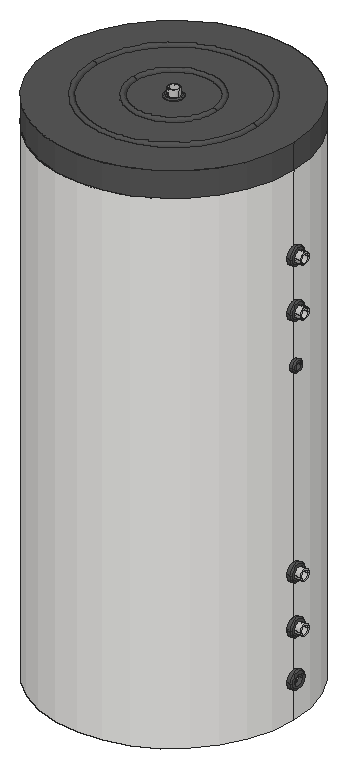
Revit family "S-tank_Solar_SS-HP", category Оборудование, Revit 2019
Family settings
  Размер круглого соединителя = Использовать диаметр
  Классификация = Нет
  Тип детали = Нормальный
  На основе рабочей плоскости = Нет
  Всегда вертикально = Да
  При загрузке вырезать с полостями = Нет
  Общий = Нет
  Точка расчета площади = Нет
Parameters (values of type "SSHP 500")
  Разработка семейств = "https://rubim.tech/"
  Диаметрсизоляцией = 780 mm
  shrf = 17.5 mm
  rd [instance] = Диаметрсизоляцией / 2  # 390 mm
  a = Диаметрсизоляцией / 6  # 130 mm
  J = 1370 mm
  I = 1355 mm
  H = 1680 mm
  E = 1195 mm
  DN2 = 15 mm
  DN1 = 25 mm
  D = 1035 mm
  C = 435 mm
  B = 275 mm
  ADSK_Примечание [instance] = ""
  ADSK_Позиция [instance] = ""
  ADSK_Обозначение = "SSHP 500"
  ADSK_Наименование краткое [instance] = "БКН"
  ADSK_Наименование = "Бойлер косвенного нагрева"
  ADSK_Масса_Текст [instance] = ""
  ADSK_Масса = 97
  ADSK_Марка = "SS HP 500"
  ADSK_Количество [instance] = 1  # constant formula
  ADSK_Код изделия = "2.2002"
  ADSK_Завод-изготовитель = "ООО “С-ТЭНК ВОТЕР ХИТЕРС”"
  ADSK_Единица измерения = "шт."  # constant formula
  ADSK_Группирование = "Оборудование"
  ADSK_URL документации изделия = "http://s-tank.ru/ss-hp/"
  A = 122 mm
Types (7, lengths in mm): name | Диаметрсизоляцией | rd | a | J | I | H | E | D | C | B | ADSK_Обозначение | ADSK_Масса | ADSK_Марка | ADSK_Код изделия | A
  SSHP 300 | 630 | 315 | 105 | 1030 | 1360 | 1600 | 1200 | 1040 | 440 | 280 | "SSHP 300" | 73 | "SS HP 300" | "2.2001" | 125
  SSHP 500 | 780 | 390 | 130 | 1370 | 1355 | 1680 | 1195 | 1035 | 435 | 275 | "SSHP 500" | 97 | "SS HP 500" | "2.2002" | 122
  SSHP 750 | 920 | 460 | 153.333 | 1365 | 1345 | 1630 | 1185 | 1025 | 425 | 265 | "SSHP 750" | 119 | "SS HP 750" | "2.2003" | 117
  SSHP 1000 | 920 | 460 | 153.333 | 1585 | 1920 | 2205 | 1675 | 1430 | 510 | 265 | "SSHP 1000" | 153 | "SS HP 1000" | "2.2004" | 117
  SSHP 1200 | 1070 | 535 | 178.333 | 1920 | 1665 | 2080 | 1475 | 1285 | 505 | 315 | "SSHP 1200" | 195 | "SS HP 1200" | "2.2005" | 177
  SSHP 1500 | 1070 | 535 | 178.333 | 1655 | 2015 | 2370 | 1775 | 1535 | 555 | 315 | "SSHP 1500" | 225 | "SS HP 1500" | "2.2006" | 177
  SSHP 2000 | 1350 | 675 | 225 | 2005 | 1750 | 2100 | 1560 | 1370 | 590 | 400 | "SSHP 2000" | 270 | "SS HP 2000" | "2.0007" | 250
Reference planes
  plane 1 "По центру (Вперед/Назад)": y = 0
  plane 2: z = 0
  plane 3 "По центру (Влево/Вправо)": x = 0
  plane 4: z = 122
  plane 5: z = 275
  plane 6: z = 435
  plane 7: z = 1035
  plane 8: z = 1680
  plane 9: x = 390
  plane 10: x = -390
  plane 11: x = 130
  plane 12: x = 260
  plane 13: y = -390
  plane 14: y = 390
  plane 15: z = 1195
  plane 16: z = 1355
  plane 17: z = 1370
Forms (mm)
  Extrusion 1, solid, material "RB_Серая порошковая"
    sketch origin (0, 0, 0) x (1, 0, 0) y (0, 1, 0)
      loop
        circle (0, 0) r 390
    from 0 to 1600
  Extrusion 2, solid, material "RB_Черный пластик"
    sketch origin (0, 0, 0) x (1, 0, 0) y (0, 1, 0)
      loop
        circle (0, 0) r 390
    from 1600 to 1680
  Revolve 3, solid, material "RB_Черный пластик"
    sketch origin (0, 0, 0) x (1, 0, 0) y (0, 0, 1)
      loop
        line (122.5, 1680) -> (137.5, 1680)
        arc (137.5, 1680) -> (130, 1687.5) -> (122.5, 1680) r 7.5
      loop
        line (252.5, 1680) -> (267.5, 1680)
        arc (267.5, 1680) -> (260, 1687.5) -> (252.5, 1680) r 7.5
      axis (0, 1680) -> (0, 1681)
    angle from 0 to 360
  Extrusion 4, solid, material "Пластик синий", not visible
    sketch origin (-10, 0, 0) x (1, 0, 0) y (0, 0, 1)
      loop
        arc (-214.477, 2447.343) -> (-231.977, 2440.094) -> (-239.226, 2422.594) r 24.749
        line (-239.226, 2422.594) -> (-239.226, 2312.833)
        arc (-239.226, 2312.833) -> (-231.977, 2295.333) -> (-214.477, 2288.085) r 24.749
        line (-214.477, 2288.085) -> (236.536, 2288.085)
        arc (236.536, 2288.085) -> (254.036, 2295.333) -> (261.285, 2312.833) r 24.749
        line (261.285, 2312.833) -> (261.285, 2420.032)
        arc (261.285, 2420.032) -> (253.285, 2439.344) -> (233.974, 2447.343) r 27.311
        line (233.974, 2447.343) -> (-214.477, 2447.343)
      loop
        arc (-214.477, 2439.053) -> (-226.115, 2434.232) -> (-230.936, 2422.594) r 16.459
        line (-230.936, 2422.594) -> (-230.936, 2331.316) -> (252.994, 2331.316) -> (252.994, 2420.032)
        arc (252.994, 2420.032) -> (247.423, 2433.482) -> (233.974, 2439.053) r 19.021
        line (233.974, 2439.053) -> (-214.477, 2439.053)
      loop
        line (-115.968, 2397.309) -> (-115.968, 2379.809) -> (-65.968, 2379.809) -> (-65.968, 2397.309) -> (-115.968, 2397.309)
      loop
        line (-35.422, 2407.249) -> (-35.422, 2351.314) -> (-17.922, 2351.314) -> (-17.922, 2407.249) -> (3.349, 2407.249) -> (10.977, 2424.749) -> (-55.778, 2424.749) -> (-55.778, 2407.249) -> (-35.422, 2407.249)
      loop
        line (-4.413, 2351.314) -> (16.363, 2351.314) -> (21.205, 2358.883) -> (45.502, 2358.883) -> (45.502, 2351.314) -> (63.002, 2351.314) -> (63.002, 2377.816) -> (33.319, 2377.816) -> (45.396, 2396.692) -> (45.396, 2384.046) -> (62.896, 2384.046) -> (62.896, 2407.227)
        arc (62.896, 2407.227) -> (56.009, 2420.523) -> (41.176, 2422.567) r 16.277
        line (41.176, 2422.567) -> (-4.413, 2351.314)
      loop
        line (86.328, 2400.911) -> (116.793, 2357.872)
        arc (116.793, 2357.872) -> (128.592, 2352.604) -> (138.978, 2360.291) r 12.812
        line (138.978, 2360.291) -> (138.978, 2425.291) -> (121.478, 2425.291) -> (121.478, 2377.488) -> (92.799, 2417.763)
        arc (92.799, 2417.763) -> (79.669, 2423.404) -> (68.828, 2414.092) r 13.5
        line (68.828, 2414.092) -> (68.828, 2351.314) -> (86.328, 2351.314) -> (86.328, 2400.911)
      loop
        line (148.978, 2425.291) -> (148.978, 2351.314) -> (166.478, 2351.314) -> (166.478, 2387.9) -> (192.095, 2351.314) -> (210.407, 2351.314) -> (181.682, 2392.337) -> (202.618, 2425.291) -> (184.847, 2425.291) -> (166.478, 2396.377) -> (166.478, 2425.291) -> (148.978, 2425.291)
    from 759.938 to 875
  Extrusion 5, solid, material "Пластик красный", not visible
    sketch origin (-10, 0, 0) x (1, 0, 0) y (0, 0, 1)
      loop
        line (-183.191, 2407.249) -> (-125.538, 2407.249)
        arc (-125.538, 2407.249) -> (-123.959, 2408.615) -> (-124.451, 2410.643) r 2.004
        line (-124.451, 2410.643) -> (-138.593, 2424.749) -> (-178.435, 2424.749)
        arc (-178.435, 2424.749) -> (-183.852, 2416.825) -> (-183.191, 2407.249) r 14.627
      loop
        line (-178.104, 2401.129) -> (-146.323, 2368.814) -> (-182.715, 2368.814)
        arc (-182.715, 2368.814) -> (-184.77, 2366.956) -> (-184.098, 2364.267) r 2.693
        line (-184.098, 2364.267) -> (-171.109, 2351.314) -> (-128.051, 2351.314)
        arc (-128.051, 2351.314) -> (-118.918, 2357.483) -> (-121.231, 2368.259) r 9.845
        line (-121.231, 2368.259) -> (-153.559, 2401.129) -> (-178.104, 2401.129)
    from -875 to 875
Lines and regions (mm)
  reference lines
    curve 1: line (390, 0, 51.978) -> (390, 0, -48.022)
    curve 2: line (-390, 0, 51.978) -> (-390, 0, -88.022)
Dimensions and locks
  "H": plane 8 to plane 2
  "D": plane 7 to plane 2
  "C": plane 6 to plane 2
  "B": plane 5 to plane 2
  "A": plane 4 to plane 2
  "Диаметрсизоляцией": plane 9 to plane 10
  equal spacing: plane 9, plane 3 "По центру (Влево/Вправо)", plane 10
  "a": plane 11 to plane 3 "По центру (Влево/Вправо)"
  "a": plane 12 to plane 11
  equal spacing: Revolve 3 sketch curve, plane 11, Revolve 3 sketch curve
  equal spacing: Revolve 3 sketch curve, plane 12, Revolve 3 sketch curve
  Revolve 3 sketch curve to Revolve 3 sketch curve = 15 mm  (x2)
  "shrf": Extrusion 4 sketch curve to Extrusion 4 sketch curve  (x11)
  Extrusion 4 sketch curve to Extrusion 4 sketch curve = 15 mm  (x2)
  "shrf": Extrusion 5 sketch curve to Extrusion 5 sketch curve  (x3)
  equal spacing: plane 14, plane 1 "По центру (Вперед/Назад)", plane 13
  "Диаметрсизоляцией": plane 14 to plane 13
  locked: Extrusion 2 to plane 8 at 80
  "E": plane 15 to level
  "I": plane 16 to level
  "J": plane 17 to level
  "Диаметрсизоляцией": diameter of Extrusion 1 sketch curve
  "Диаметрсизоляцией": diameter of Extrusion 2 sketch curve
  aligned and locked: level to plane 2
  aligned and locked: Extrusion 4 sketch curve to Extrusion 4 sketch curve  (x3)
  aligned and locked: Extrusion 4 to Extrusion 5 sketch curve
  aligned and locked: Extrusion 5 sketch curve to Extrusion 4
  aligned and locked: nested 1 to plane 1 "По центру (Вперед/Назад)"
  aligned and locked: nested 2 to plane 4
  aligned and locked: nested 1 to plane 5
  aligned and locked: nested 4 to plane 6
  aligned and locked: nested 3 to plane 7
  aligned and locked: curve 1 to nested 3
  aligned and locked: curve 1 to nested 4
  aligned and locked: curve 1 to nested 1
  aligned and locked: curve 1 to nested 2
  aligned and locked: curve 1 to plane 9
  aligned and locked: nested 5 to plane 1 "По центру (Вперед/Назад)"
  aligned and locked: nested 5 to plane 8
  aligned and locked: Extrusion 2 to plane 8
  aligned and locked: Extrusion 1 to Extrusion 2
  aligned and locked: plane 15 to nested 6
  aligned and locked: plane 16 to nested 7
  aligned and locked: curve 1 to nested 6
  aligned and locked: curve 1 to nested 7
  aligned and locked: nested 8 to plane 17
  aligned and locked: curve 2 to nested 8
  aligned and locked: curve 2 to plane 10
  aligned and locked: curve 2 to nested 9
  aligned and locked: plane 4 to nested 9
Automatic sketch dimensions
  Extrusion 4 sketch curve to Extrusion 4 sketch curve = 0 mm  (x12)
  Extrusion 4 sketch curve to Extrusion 4 sketch curve = 8.29 mm
  Extrusion 4 sketch curve to Extrusion 4 sketch curve = 16.459 mm  (x3)
  Extrusion 4 sketch curve to Extrusion 4 sketch curve = 98.509 mm
  Extrusion 4 sketch curve to Extrusion 4 sketch curve = 50 mm
  Extrusion 4 sketch curve to Extrusion 4 sketch curve = 10.19 mm
  Extrusion 4 sketch curve to Extrusion 4 sketch curve = 20.356 mm
  Extrusion 4 sketch curve to Extrusion 4 sketch curve = 13.509 mm
  Extrusion 4 sketch curve to Extrusion 4 sketch curve = 4.843 mm
  Extrusion 4 sketch curve to Extrusion 4 sketch curve = 12.113 mm
  Extrusion 4 sketch curve to Extrusion 4 sketch curve = 30.199 mm
  Extrusion 4 sketch curve to Extrusion 4 sketch curve = 12.078 mm
  Extrusion 4 sketch curve to Extrusion 4 sketch curve = 12.183 mm
  Extrusion 4 sketch curve to Extrusion 4 sketch curve = 1.223 mm
  Extrusion 4 sketch curve to Extrusion 4 sketch curve = 5.932 mm
  Extrusion 4 sketch curve to Extrusion 4 sketch curve = 4.616 mm
  Extrusion 4 sketch curve to Extrusion 4 sketch curve = 11.087 mm
  Extrusion 4 sketch curve to Extrusion 4 sketch curve = 30.465 mm
  Extrusion 4 sketch curve to Extrusion 4 sketch curve = 4.684 mm
  Extrusion 4 sketch curve to Extrusion 4 sketch curve = 11.775 mm
  Extrusion 4 sketch curve to Extrusion 4 sketch curve = 10 mm
  Extrusion 4 sketch curve to Extrusion 4 sketch curve = 15.205 mm
  Extrusion 4 sketch curve to Extrusion 4 sketch curve = 18.369 mm
  Extrusion 4 sketch curve to Extrusion 4 sketch curve = 25.618 mm
  Extrusion 4 sketch curve to Extrusion 4 sketch curve = 17.771 mm
  Extrusion 4 sketch curve to Extrusion 4 sketch curve = 18.312 mm
  Extrusion 4 sketch curve to Extrusion 4 sketch curve = 31.356 mm
  Extrusion 4 sketch curve to Extrusion 4 sketch curve = 18.483 mm
  Extrusion 4 sketch curve to Extrusion 4 sketch curve = 38.481 mm
  Extrusion 4 sketch curve to Extrusion 4 sketch curve = 6.557 mm
  Extrusion 4 sketch curve to Extrusion 4 sketch curve = 8.977 mm
  Extrusion 4 sketch curve to Extrusion 4 sketch curve = 12.148 mm
  Extrusion 4 sketch curve to Extrusion 4 sketch curve = 28.495 mm
  Extrusion 4 sketch curve to Extrusion 4 sketch curve = 12.647 mm
  Extrusion 4 sketch curve to Extrusion 4 sketch curve = 6.316 mm
  Extrusion 4 sketch curve to Extrusion 4 sketch curve = 15.318 mm
  Extrusion 4 sketch curve to Extrusion 4 sketch curve = 9.148 mm
  Extrusion 4 sketch curve to Extrusion 4 sketch curve = 6.865 mm
  Extrusion 4 sketch curve to Extrusion 4 sketch curve = 5.259 mm
  Extrusion 4 sketch curve to Extrusion 4 sketch curve = 28.915 mm
  Extrusion 5 sketch curve to Extrusion 5 sketch curve = 0.908 mm
  Extrusion 5 sketch curve to Extrusion 5 sketch curve = 1.383 mm
  Extrusion 5 sketch curve to Extrusion 5 sketch curve = 1.904 mm
  Extrusion 5 sketch curve to Extrusion 5 sketch curve = 4.756 mm
  Extrusion 5 sketch curve to Extrusion 5 sketch curve = 5.086 mm
  Extrusion 5 sketch curve to Extrusion 5 sketch curve = 12.989 mm
  Extrusion 5 sketch curve to Extrusion 5 sketch curve = 8.698 mm
  Extrusion 5 sketch curve to Extrusion 5 sketch curve = 16.177 mm
  Extrusion 5 sketch curve to Extrusion 5 sketch curve = 24.787 mm
  Extrusion 5 sketch curve to Extrusion 5 sketch curve = 14.966 mm
  Extrusion 5 sketch curve to Extrusion 5 sketch curve = 18.272 mm
  Extrusion 5 sketch curve to Extrusion 5 sketch curve = 12.725 mm
  Extrusion 5 sketch curve to Extrusion 5 sketch curve = 0.33 mm
  Extrusion 5 sketch curve to Extrusion 5 sketch curve = 1.417 mm
  Extrusion 5 sketch curve to Extrusion 5 sketch curve = 6.82 mm
  Extrusion 5 sketch curve to Extrusion 5 sketch curve = 4.547 mm
  Extrusion 5 sketch curve to Extrusion 5 sketch curve = 1.977 mm
  Extrusion 4 sketch curve to Extrusion 4 sketch curve = 21.271 mm
  Extrusion 4 sketch curve to Extrusion 4 sketch curve = 7.628 mm
  Extrusion 4 sketch curve to Extrusion 4 sketch curve = 20.775 mm
  Extrusion 4 sketch curve to Extrusion 4 sketch curve = 26.129 mm
  Revolve 3 sketch curve to plane 3 "По центру (Влево/Вправо)" = 0 mm
  Revolve 3 sketch curve to plane 8 = 0 mm  (x2)
  Revolve 3 sketch curve to plane 8 = 100 mm
  Revolve 3 sketch curve to Revolve 3 sketch curve = 220 mm
  curve 2 to level = 88.022 mm
  curve 1 to level = 48.022 mm
  level to curve 2 = 51.978 mm
  level to curve 1 = 51.978 mm
  plane 1 "По центру (Вперед/Назад)" to Extrusion 1 sketch curve = 0 mm
  Extrusion 1 sketch curve to plane 3 "По центру (Влево/Вправо)" = 0 mm
  plane 1 "По центру (Вперед/Назад)" to Extrusion 2 sketch curve = 0 mm
  Extrusion 2 sketch curve to plane 3 "По центру (Влево/Вправо)" = 0 mm
Nested families
  nested 1: "патрубок" at (390, 0, 275) x (0, 1, 0) z (0, 0, 1), DN <- "DN1", type "патрубок"
    with ВР yes, L2 50 mm, L1 30 mm, Dv 35.5 mm, Dtv 29.5 mm, Dt 33.5 mm, Dn 56.8 mm, DN 25 mm
  nested 2: "патрубок" at (390, 0, 122) x (0, 1, 0) z (0, 0, 1), DN <- "DN1", type "патрубок"
    with ВР no, L2 15 mm, L1 30 mm, Dv 35.5 mm, Dtv 29.5 mm, Dt 33.5 mm, Dn 56.8 mm, DN 25 mm
  nested 3: "патрубок" at (390, 0, 1035) x (0, 1, 0) z (0, 0, 1), DN <- "DN2", type "патрубок"
    with ВР no, L2 15 mm, L1 30 mm, Dv 23.3 mm, Dtv 17.3 mm, Dt 21.3 mm, Dn 37.28 mm, DN 15 mm
  nested 4: "патрубок" at (390, 0, 435) x (0, 1, 0) z (0, 0, 1), DN <- "DN1", type "патрубок"
    with ВР yes, L2 50 mm, L1 30 mm, Dv 35.5 mm, Dtv 29.5 mm, Dt 33.5 mm, Dn 56.8 mm, DN 25 mm
  nested 5: "патрубок" at (0, 0, 1669.119) x (1, 0, 0) z (0, 1, 0), DN <- "DN1", type "патрубок"
    with ВР yes, L2 50 mm, L1 30 mm, Dv 35.5 mm, Dtv 29.5 mm, Dt 33.5 mm, Dn 56.8 mm, DN 25 mm
  nested 6: "патрубок" at (390, 0, 1195) x (0, 1, 0) z (0, 0, 1), DN <- "DN1", type "патрубок"
    with ВР yes, L2 50 mm, L1 30 mm, Dv 35.5 mm, Dtv 29.5 mm, Dt 33.5 mm, Dn 56.8 mm, DN 25 mm
  nested 7: "патрубок" at (390, 0, 1355) x (0, 1, 0) z (0, 0, 1), DN <- "DN1", type "патрубок"
    with ВР yes, L2 50 mm, L1 30 mm, Dv 35.5 mm, Dtv 29.5 mm, Dt 33.5 mm, Dn 56.8 mm, DN 25 mm
  nested 8: "патрубок" at (-390, 0, 1370) x (0, 1, 0) z (0, 0, 1), DN <- "DN2", type "патрубок"
    with ВР no, L2 15 mm, L1 30 mm, Dv 23.3 mm, Dtv 17.3 mm, Dt 21.3 mm, Dn 37.28 mm, DN 15 mm
  nested 9: "патрубок" at (-390, 0, 122) x (0, 1, 0) z (0, 0, 1), type "патрубок"
    with ВР no, L2 15 mm, L1 30 mm, Dv 62 mm, Dtv 56 mm, Dt 60 mm, Dn 99.2 mm, DN 50 mm
Connectors
  piping at (0, 0, 1704.119), diameter 25, driven by "DN1"
    settings: on nested 5, index 21, connector inside diameter 609.6 mm, connector length 0 mm, flow factor 0, pipe flow 0.0 L/s, pressure drop 0.0 Pa, fitting loss kfactor 0, connector angle 0.00°, fixture units 0, engagement length 0 mm, angle of deflection 0.00°, flow configuration 0, flow direction 2, fitting loss method 0, system type 7, joint type 0, gender type 0, connector reference index -1, connector utility 0, adjustable connector no, is connector primary yes, connector description ""
  piping at (390, 0, 122), diameter 25, driven by "DN1"
    settings: on nested 2, index 22, connector inside diameter 609.6 mm, connector length 0 mm, flow factor 0, pipe flow 0.0 L/s, pressure drop 0.0 Pa, fitting loss kfactor 0, connector angle 0.00°, fixture units 0, engagement length 0 mm, angle of deflection 0.00°, flow configuration 0, flow direction 1, fitting loss method 0, system type 20, joint type 0, gender type 0, connector reference index -1, connector utility 0, adjustable connector no, is connector primary no, connector description ""
  piping at (425, 0, 275), diameter 25, driven by "DN1"
    settings: on nested 1, index 23, connector inside diameter 609.6 mm, connector length 0 mm, flow factor 0, pipe flow 0.0 L/s, pressure drop 0.0 Pa, fitting loss kfactor 0, connector angle 0.00°, fixture units 0, engagement length 0 mm, angle of deflection 0.00°, flow configuration 0, flow direction 2, fitting loss method 0, system type 8, joint type 0, gender type 0, connector reference index -1, connector utility 0, adjustable connector no, is connector primary no, connector description ""
  piping at (425, 0, 435), diameter 25, driven by "DN1"
    settings: on nested 4, index 24, connector inside diameter 609.6 mm, connector length 0 mm, flow factor 0, pipe flow 0.0 L/s, pressure drop 0.0 Pa, fitting loss kfactor 0, connector angle 0.00°, fixture units 0, engagement length 0 mm, angle of deflection 0.00°, flow configuration 0, flow direction 1, fitting loss method 0, system type 19, joint type 0, gender type 0, connector reference index -1, connector utility 0, adjustable connector no, is connector primary no, connector description ""
  piping at (390, 0, 1035), diameter 15, driven by "DN2"
    settings: on nested 3, index 25, connector inside diameter 609.6 mm, connector length 0 mm, flow factor 0, pipe flow 0.0 L/s, pressure drop 0.0 Pa, fitting loss kfactor 0, connector angle 0.00°, fixture units 0, engagement length 0 mm, angle of deflection 0.00°, flow configuration 0, flow direction 1, fitting loss method 0, system type 29, joint type 0, gender type 0, connector reference index -1, connector utility 0, adjustable connector no, is connector primary no, connector description ""
  piping at (425, 0, 1195), diameter 25, driven by "DN1"
    settings: on nested 6, index 26, connector inside diameter 609.6 mm, connector length 0 mm, flow factor 0, pipe flow 0.0 L/s, pressure drop 0.0 Pa, fitting loss kfactor 0, connector angle 0.00°, fixture units 0, engagement length 0 mm, angle of deflection 0.00°, flow configuration 0, flow direction 1, fitting loss method 0, system type 7, joint type 0, gender type 0, connector reference index -1, connector utility 0, adjustable connector no, is connector primary no, connector description ""
  piping at (425, 0, 1355), diameter 25, driven by "DN1"
    settings: on nested 7, index 27, connector inside diameter 609.6 mm, connector length 0 mm, flow factor 0, pipe flow 0.0 L/s, pressure drop 0.0 Pa, fitting loss kfactor 0, connector angle 0.00°, fixture units 0, engagement length 0 mm, angle of deflection 0.00°, flow configuration 0, flow direction 2, fitting loss method 0, system type 19, joint type 0, gender type 0, connector reference index -1, connector utility 0, adjustable connector no, is connector primary no, connector description ""
  piping at (-390, 0, 1370), diameter 15, driven by "DN2"
    settings: on nested 8, index 31, connector inside diameter 609.6 mm, connector length 0 mm, flow factor 0, pipe flow 0.0 L/s, pressure drop 0.0 Pa, fitting loss kfactor 0, connector angle 0.00°, fixture units 0, engagement length 0 mm, angle of deflection 0.00°, flow configuration 0, flow direction 0, fitting loss method 0, system type 29, joint type 0, gender type 0, connector reference index -1, connector utility 0, adjustable connector no, is connector primary no, connector description ""
Definition of nested family "патрубок"
  Parameters (values of type "патрубок")
    ВР [instance] = yes
    L2 [instance] = if(ВР, L1 + 20 mm, L1 - 15 mm)  # 50 mm
    L1 [instance] = 30 mm
    Dv [instance] = Dt + 2 mm  # 50 mm
    Dtv [instance] = Dt - 4 mm  # 44 mm
    Dt [instance] = if(DN = 15 mm, 21.3 mm, if(DN = 20 mm, 26.8 mm, if(DN = 25 mm, 33.5 mm, if(DN = 32 mm, 42.3 mm, if(DN = 40 mm, 48 mm, if(DN = 50 mm, 60 mm, 15 mm))))))  # 48 mm
    Dn [instance] = Dv * 1.6  # 80 mm
    DN [instance] = 40 mm
    2 = none
    1 = none
  Reference planes
    plane 1 "По центру (Вперед/Назад)": y = 0
    plane 2: z = 0
    plane 3 "По центру (Влево/Вправо)": x = 0
  Forms (mm)
    Extrusion 1, solid, material <- "1"
      sketch origin (0, 0, 0) x (1, 0, 0) y (0, 0, 1)
        loop
          circle (0, 0) r 40
        loop
          circle (0, 0) r 25
      from -15 to 15
    Extrusion 2, solid, material <- "2"
      sketch origin (0, 0, 0) x (1, 0, 0) y (0, 0, 1)
        loop
          circle (0, 0) r 24
        loop
          circle (0, 0) r 22
      from -15 to 35
    Sweep 3, void
      path in 3D
        loop
          arc (40, -15, 0) -> (0, -15, -40) -> (-40, -15, 0) r 40
          arc (-40, -15, 0) -> (0, -15, 40) -> (40, -15, 0) r 40
      profile origin (0, -15, 40) x (0, 0, 1) y (0, -1, 0)
        loop
          line (0, -4.119) -> (0, 0) -> (-4.119, 0) -> (0, -4.119)
  Cuts and joins
    Sweep 3 cuts Extrusion 1
  Lines and regions (mm)
    sketch lines
      curve 1: arc (-40, -15, 0) -> (0, -15, 40) -> (40, -15, 0) r 40
      curve 2: arc (40, -15, 0) -> (0, -15, -40) -> (-40, -15, 0) r 40
  Dimensions and locks
    "L1": Extrusion 1 to Extrusion 1
    equal spacing: Extrusion 1, plane 1 "По центру (Вперед/Назад)", Extrusion 1
    "L2": Extrusion 1 to Extrusion 2
    "Dn": diameter of Extrusion 1 sketch curve
    "Dv": diameter of Extrusion 1 sketch curve
    "Dt": diameter of Extrusion 2 sketch curve
    "Dtv": diameter of Extrusion 2 sketch curve
    locked: profile plane to Sweep 3 sketch curve (angle 45.00°)
    aligned and locked: level to plane 2
    aligned and locked: Extrusion 1 to Extrusion 2
    aligned and locked: Sweep 3 sketch curve to profile plane
    aligned and locked: profile plane to Sweep 3 sketch curve
  Automatic sketch dimensions
    profile plane to Sweep 3 sketch curve = 4.119 mm
    Extrusion 1 sketch curve to Extrusion 1 sketch curve = 0 mm  (x2)
    Extrusion 1 sketch curve to level = 0 mm
    Extrusion 1 sketch curve to plane 3 "По центру (Влево/Вправо)" = 0 mm
    Extrusion 2 sketch curve to Extrusion 2 sketch curve = 0 mm  (x2)
    Extrusion 2 sketch curve to level = 0 mm
    Extrusion 2 sketch curve to plane 3 "По центру (Влево/Вправо)" = 0 mm
